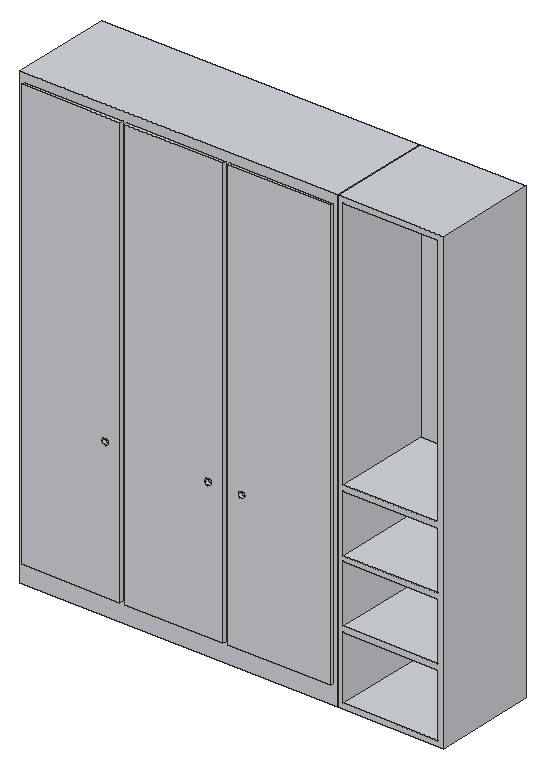
Revit family "Cupboard_4", category Furniture, Revit 2021
Family settings
  OmniClass Number = 23.40.20.00
  OmniClass Title = General Furniture and Specialties
  Work Plane-Based = No
  Always vertical = Yes
  Cut with Voids When Loaded = No
  Shared = No
  Room Calculation Point = No
Parameters
  width [instance] = 1800 mm
  open shelf width [instance] = 600 mm
  open shelf = yes
  height = 2600 mm
  handle height = 900 mm
  foot guard = 110 mm
  depth = 600 mm
  Open shelf material = none
  Door material = none
  Default Elevation = 0 mm
  Casement material = none
Reference planes
  plane 1 "Centro (Frontal/Posterior)": y = 0
  plane 2: z = 0
  plane 3 "Centro (Izquierda/Derecha)": x = 0
  plane 4: y = 300
  plane 5: y = -300
  plane 6: x = -900
  plane 7: x = 900
  plane 8: z = 2600
  plane 9: y = -280
  plane 10: z = 2548.468
  plane 11: z = 110
  plane 12: z = 900
  plane 13: x = -875
  plane 14: x = 875
  plane 15: x = 1500
Forms (mm)
  Extrusion 1, solid, material <- "Casement material"
    sketch origin (0, 0, 0) x (1, 0, 0) y (0, 1, 0)
      loop
        line (-900, 300) -> (-900, -280) -> (900, -280) -> (900, 300) -> (-900, 300)
    from 0 to 2600
  Extrusion 2, solid, material <- "Door material"
    sketch origin (0, 135.22, 0) x (1, 0, 0) y (0, 1, 0)
      loop
        line (-875, -417.22) -> (-875, -435.22) -> (-316.667, -435.22) -> (-316.667, -417.22) -> (-875, -417.22)
      loop
        line (-291.667, -417.22) -> (-291.667, -435.22) -> (266.667, -435.22) -> (266.667, -417.22) -> (-291.667, -417.22)
      loop
        line (291.667, -417.22) -> (291.667, -435.22) -> (875, -435.22) -> (875, -417.22) -> (291.667, -417.22)
    from 110 to 2548.468
  Extrusion 3, void
    sketch origin (0, 0, 0) x (1, 0, 0) y (0, 0, 1)
      loop
        circle (-399.153, 900) r 20
      loop
        circle (184.18, 900) r 20
      loop
        circle (373.667, 900) r 20
    from 282 to 300
  Extrusion 4, solid, material <- "Open shelf material", visible <- "open shelf"
    sketch origin (0, 0, 0) x (1, 0, 0) y (0, 0, 1)
      loop
        line (900, 2600) -> (900, 0) -> (1500, 0) -> (1500, 2600) -> (900, 2600)
      loop
        line (1470, 2570) -> (930, 2570) -> (930, 1140) -> (1470, 1140) -> (1470, 2570)
      loop
        line (930, 30) -> (1470, 30) -> (1470, 390) -> (930, 390) -> (930, 30)
      loop
        line (1470, 1110) -> (930, 1110) -> (930, 780) -> (1470, 780) -> (1470, 1110)
      loop
        line (1470, 750) -> (930, 750) -> (930, 420) -> (1470, 420) -> (1470, 750)
    from -270 to 280
  Extrusion 5, solid, material <- "Open shelf material", visible <- "open shelf"
    sketch origin (0, 0, 0) x (1, 0, 0) y (0, 0, 1)
      loop
        line (900, 2600) -> (900, 0) -> (1500, 0) -> (1500, 2600) -> (900, 2600)
    from -300 to -270
Cuts and joins
  Extrusion 3 cuts Extrusion 1
  Extrusion 3 cuts Extrusion 2
  joined: Extrusion 4, Extrusion 5
Lines and regions (mm)
  symbolic lines, style "FurnitureHiddenLines"
    curve 1: line (-900, 300, 0) -> (900, -280, 0)
    curve 2: line (900, 300, 0) -> (-900, -280, 0)
    curve 3: line (900, 300, 0) -> (1500, -280, 0)
    curve 4: line (900, -280, 0) -> (1500, 300, 0)
Dimensions and locks
  "depth": plane 5 to plane 4
  "width": plane 6 to plane 7
  equal spacing: plane 5, plane 1 "Centro (Frontal/Posterior)", plane 4
  equal spacing: plane 6, plane 3 "Centro (Izquierda/Derecha)", plane 7
  "height": plane 8 to level
  locked: plane 5 to plane 9 at 20
  locked: Extrusion 2 sketch curve to Extrusion 2 sketch curve at 25  (x2)
  equal spacing: plane 13, Extrusion 2 sketch curve, Extrusion 2 sketch curve, plane 14
  "foot guard": plane 11 to level
  locked: plane 8 to plane 10 at 51.532
  "handle height": plane 12 to level
  locked: plane 14 to plane 7 at 25
  locked: plane 6 to plane 13 at 25
  locked: Extrusion 2 to Extrusion 3 sketch curve at 82.486  (x2)
  Extrusion 2 to Extrusion 3 sketch curve = 82 mm
  "open shelf width": plane 15 to plane 7
  locked: Extrusion 4 sketch curve to Extrusion 4 sketch curve at 30  (x4)
  locked: Extrusion 5 to Extrusion 5 at 30
  aligned and locked: level to plane 2
  aligned and locked: plane 4 to Extrusion 1 sketch curve
  aligned and locked: plane 6 to Extrusion 1 sketch curve
  aligned and locked: Extrusion 1 sketch curve to plane 7
  aligned and locked: Extrusion 1 to plane 9
  aligned and locked: plane 5 to Extrusion 2  (x3)
  aligned and locked: Extrusion 2 to plane 11
  aligned and locked: plane 10 to Extrusion 2
  aligned and locked: plane 13 to Extrusion 2
  aligned and locked: Extrusion 2 to plane 14
  aligned and locked: Extrusion 2 to Extrusion 3
  aligned and locked: plane 5 to Extrusion 3
  aligned and locked: Extrusion 4 to plane 9
  aligned and locked: Extrusion 4 to plane 7
  aligned and locked: plane 15 to Extrusion 4
  aligned and locked: cut or joined group of Extrusion 1, Extrusion 3 to Extrusion 5 sketch curve
  aligned and locked: Extrusion 5 sketch curve to cut or joined group of Extrusion 1, Extrusion 3
  aligned and locked: Extrusion 5 sketch curve to Extrusion 4  (x2)
  aligned and locked: Extrusion 5 to plane 4
  aligned and locked: Extrusion 4 to Extrusion 5
  aligned and locked: plane 8 to Extrusion 1
Automatic sketch dimensions
  Extrusion 1 sketch curve to plane 5 = 20 mm
  plane 5 to Extrusion 2 sketch curve = 0 mm  (x3)
  Extrusion 2 sketch curve to plane 7 = 25 mm
  Extrusion 2 sketch curve to plane 9 = 2 mm  (x3)
  plane 6 to Extrusion 2 sketch curve = 25 mm
  Extrusion 3 sketch curve to plane 12 = 0 mm  (x3)
  Extrusion 4 sketch curve to level = 0 mm
  Extrusion 4 sketch curve to plane 7 = 0 mm
  Extrusion 4 sketch curve to plane 8 = 0 mm
  plane 7 to Extrusion 4 sketch curve = 30 mm
  level to Extrusion 4 sketch curve = 30 mm
  plane 10 to Extrusion 4 sketch curve = 21.532 mm
  plane 11 to Extrusion 4 sketch curve = 280 mm
  Extrusion 4 sketch curve to Extrusion 4 sketch curve = 30 mm  (x3)
  Extrusion 4 sketch curve to plane 12 = 150 mm
  plane 12 to Extrusion 4 sketch curve = 210 mm
  Extrusion 4 sketch curve to Extrusion 4 sketch curve = 0 mm  (x3)
  Extrusion 4 sketch curve to Extrusion 4 sketch curve = 540 mm
  curve 2 to plane 6 = 0 mm
  plane 4 to curve 1 = 0 mm
  curve 1 to plane 6 = 0 mm
  plane 4 to curve 2 = 0 mm
  curve 2 to plane 7 = 0 mm
  curve 4 to plane 7 = 0 mm
  plane 4 to curve 4 = 0 mm
  curve 4 to plane 15 = 0 mm
  plane 9 to curve 3 = 0 mm
  curve 3 to plane 15 = 0 mm
  curve 1 to plane 9 = 0 mm
  curve 2 to plane 9 = 0 mm
  radius of Extrusion 3 sketch curve = 20 mm  (x3)
